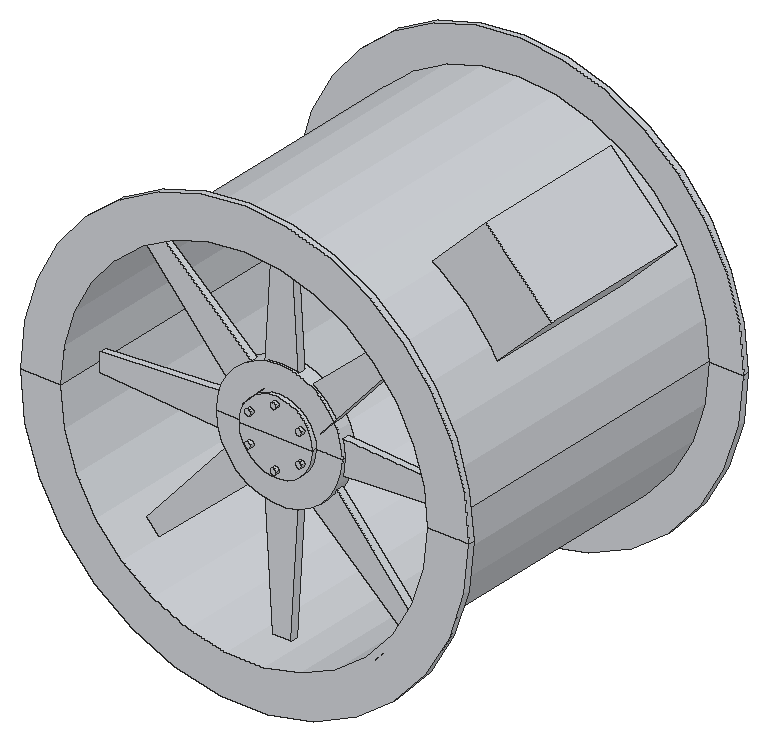
Revit family "CADS_Vent-Axia_MechEquip_Fan_LCA_315_3Ph2P - EXTRACT", category Mechanical Equipment, Revit 2020
Family settings
  Round Connector Dimension = Use Diameter
  Part Type = Normal
  OmniClass Number = 23.75.00.00
  OmniClass Title = Climate Control (HVAC)
  Work Plane-Based = No
  Always vertical = Yes
  Cut with Voids When Loaded = No
  Shared = No
  Room Calculation Point = No
Parameters (values of type "LCA313210")
  nr = NominalDiameter / 2  # 157.5 mm
  WorkingPressure = 0.0 Pa
  WarrantyStartDate [instance] = "1900-12-31T23:59:59"
  WarrantyPeriod = ""
  WarrantyIdentifier = "N/A"
  WarrantyGuarantorParts = "tech@vent-axia.com"
  WarrantyGuarantorLabor = "tech@vent-axia.com"
  WarrantyGuarantor = "Vent-Axia Limited"
  WarrantyEndDate [instance] = "1900-12-31T23:59:59"
  WarrantyContent = ""
  TemperatureRange = ""
  TagNumber [instance] = "N/A"
  SustainabilityPerformance = ""
  Status = "New"
  Size = ""
  Shape = ""
  ServiceLifeType = ""
  ServiceLifeDuration = ""
  SerialNumber [instance] = "N/A"
  ReplacementCost = ""
  RatedVoltage = 0 V
  RatedCurrent = 0 A
  Quantity = 1
  ProductionYear = ""
  PressureCurve = ""
  PowerFactor = ""
  PointOfContact = ""
  NumberOfPoles = 0
  NominalWidth = 315 mm
  NominalLength = 300 mm
  NominalHeight = 315 mm
  NominalFrequencyRange = ""
  NominalDiameter = 315 mm
  ModelReference = "LCAX 315mm 3PH 2P 10DEG"
  ModelNumber = "LCA313210"
  Material = ""
  ManufacturerE-Mail = "tech@vent-axia.com"
  ManufacturerAddress = "Fleming Way\nCrawley \nRH10 9YX"
  IsExtendedWarranty = no
  InsulationStandardClass = ""
  InstallationDate [instance] = "1900-12-31T23:59:59"
  IfcExportType [instance] = ""
  IfcExportAs = "IfcFanType"
  IP_Code = ""
  HasProtectiveEarth = no
  GrossWeight = 0.00 kg
  Grade = ""
  GlobalTradeItemNumber [instance] = "N/A"
  Fitting Type = "Ignore"
  Finish = ""
  Features = ""
  ExteriorInsulation = no
  ExpectedServiceLife = 0
  Exclusions = ""
  DurationUnit = "Year"
  Default Elevation = 0 mm
  Constituents = ""
  ConductorFunction = ""
  Color = ""
  CodePerformance = ""
  Category = ""
  CADS_Usage = 0
  CADS_Index = 0
  AssetType = "FIXED"
  AssetIdentifier [instance] = "N/A"
  AssemblyPlace = "UNKNOWN"
  ArticleNumber [instance] = "N/A"
  AirflowRateRange = 0.0 L/s
  Air Flow [instance] = 0.0 L/s
  AccessibilityPerformance = ""
Types (15, lengths in mm): name | ModelReference | ModelNumber
  LCA313210 | "LCAX 315mm 3PH 2P 10DEG" | "LCA313210"
  LCA313212 | "LCAX 315mm 3PH 2P 12DEG" | "LCA313212"
  LCA313214 | "LCAX 315mm 3PH 2P 14DEG" | "LCA313214"
  LCA313216 | "LCAX 315mm 3PH 2P 16DEG" | "LCA313216"
  LCA313218 | "LCAX 315mm 3PH 2P 18DEG" | "LCA313218"
  LCA313220 | "LCAX 315mm 3PH 2P 20DEG" | "LCA313220"
  LCA313222 | "LCAX 315mm 3PH 2P 22DEG" | "LCA313222"
  LCA313224 | "LCAX 315mm 3PH 2P 24DEG" | "LCA313224"
  LCA313226 | "LCAX 315mm 3PH 2P 26DEG" | "LCA313226"
  LCA313228 | "LCAX 315mm 3PH 2P 28DEG" | "LCA313228"
  LCA313230 | "LCAX 315mm 3PH 2P 30DEG" | "LCA313230"
  LCA313232 | "LCAX 315mm 3PH 2P 32DEG" | "LCA313232"
  LCA313234 | "LCAX 315mm 3PH 2P 34DEG" | "LCA313234"
  LCA313236 | "LCAX 315mm 3PH 2P 36DEG" | "LCA313236"
  LCA313238 | "LCAX 315mm 3PH 2P 38DEG" | "LCA313238"
Reference planes
  plane 1 "Center (Front/Back)": y = 0
  plane 2: z = 0
  plane 3 "Center (Left/Right)": x = 0
  plane 4: x = -157.5
  plane 5: x = 157.5
  plane 6 "F": y = -150
  plane 7 "B": y = 150
  plane 8: x = -192.5
  plane 9: y = 145
  plane 10: y = -145
  plane 11: x = -162.5
  plane 12: y = -110
  plane 13 "top": z = 157.5
  plane 14: z = -157.5
  plane 15 "45deg": through (0, -1524, 0) normal (-0.7071, 0, -0.7071)
  plane 16 "C": through (0, -1524, 0) normal (-0.7071, 0, 0.7071)
Forms (mm)
  Revolve 1, solid
    sketch origin (0, 0, 0) x (1, 0, 0) y (0, 1, 0)
      loop
        line (-192.5, -150) -> (-157.5, -150) -> (-157.5, 150) -> (-192.5, 150) -> (-192.5, 145) -> (-162.5, 145) -> (-162.5, -145) -> (-192.5, -145) -> (-192.5, -150)
      axis (0, 150) -> (0, -150)
    angle from 0 to 360
  Sweep 2, solid
    path origin (0, 0, 0) x (1, 0, 0) y (0, 0, 1)
      loop
        line (111.369, 111.369) -> (157.331, 157.331)
    profile origin (134.35, 0, 134.35) x (-0.707107, 0, 0.707107) y (0, -1, 0)
      loop
        line (37.5, 55) -> (-42.73, 55) -> (-42.73, -79.5) -> (37.5, -79.5) -> (37.5, 55)
Dimensions and locks
  equal spacing: plane 4, plane 3 "Center (Left/Right)", plane 5
  equal spacing: plane 7 "B", plane 1 "Center (Front/Back)", plane 6 "F"
  "NominalLength": plane 7 "B" to plane 6 "F"
  "NominalDiameter": plane 4 to plane 5
  locked: plane 11 to plane 4 at 5
  locked: plane 8 to plane 11 at 30
  locked: plane 6 "F" to plane 10 at 5
  locked: plane 7 "B" to plane 9 at 5
  locked: plane 6 "F" to plane 12 at 40
  equal spacing: plane 13 "top", level, plane 14
  "NominalDiameter": plane 13 "top" to plane 14
  "nr": Sweep 2 sketch curve to nested 13
  Sweep 2 sketch curve to Sweep 2 sketch curve = 65 mm
  aligned and locked: level to plane 2
  aligned and locked: nested 1 to plane 12
Automatic sketch dimensions
  plane 6 "F" to Revolve 1 sketch curve = 0 mm
  Revolve 1 sketch curve to plane 8 = 0 mm  (x2)
  plane 10 to Revolve 1 sketch curve = 0 mm
  Revolve 1 sketch curve to plane 11 = 0 mm
  Revolve 1 sketch curve to plane 4 = 0 mm
  Revolve 1 sketch curve to plane 3 "Center (Left/Right)" = 0 mm
  plane 1 "Center (Front/Back)" to Revolve 1 sketch curve = 0 mm
  Revolve 1 sketch curve to plane 9 = 0 mm
  Revolve 1 sketch curve to plane 7 "B" = 0 mm
  plane 6 "F" to Revolve 1 sketch curve = 115 mm
  plane 1 "Center (Front/Back)" to Sweep 2 sketch curve = 55 mm
  Sweep 2 sketch curve to profile plane = 37.5 mm
  Sweep 2 sketch curve to Sweep 2 sketch curve = 80.23 mm
  Sweep 2 sketch curve to Sweep 2 sketch curve = 134.5 mm
  Sweep 2 sketch curve to plane 16 "C" = 0 mm  (x2)
Nested families
  nested 1: "Fan for ESC" at (0, -110, 0), ND <- "NominalDiameter", type "Fan for ESC"
    with hub 31.5 mm, ND 315 mm, BoltPCD 25.2 mm, Bolt Count 6, B_Diam 5 mm
  nested 2: "Bolts" at (21.824, -119.172, -12.6) x (-0.5, 0, -0.866) z (0, 1, 0), type "Bolts"
    with bd 5 mm
  nested 3: "Bolts" at (0, -119.172, -25.2) x (-1, 0, 0) z (0, 1, 0), type "Bolts"
    with bd 5 mm
  nested 4: "Bolts" at (-21.824, -119.172, -12.6) x (-0.5, 0, 0.866) z (0, 1, 0), type "Bolts"
    with bd 5 mm
  nested 5: "Bolts" at (-21.824, -119.172, 12.6) x (0.5, 0, 0.866) z (0, 1, 0), type "Bolts"
    with bd 5 mm
  nested 6: "Bolts" at (21.824, -119.172, 12.6) x (0.5, 0, -0.866) z (0, 1, 0), type "Bolts"
    with bd 5 mm
  nested 7: "Bolts" at (0, -119.172, 25.2) x (1, 0, 0) z (0, 1, 0), type "Bolts"
    with bd 5 mm
  nested 8: "ESC Blade" at (0, -110, 0), type "ESC Blade"
    with a 20.00°, HR 31.5 mm, HD 63 mm, BT 15.75 mm, BR 126 mm, BH 40 mm, BD 315 mm, BB 31.5 mm
  nested 9: "ESC Blade" at (0, -110, 0) x (0.7071, 0, -0.7071) z (0.7071, 0, 0.7071), type "ESC Blade"
    with a 20.00°, HR 31.5 mm, HD 63 mm, BT 15.75 mm, BR 126 mm, BH 40 mm, BD 315 mm, BB 31.5 mm
  nested 10: "ESC Blade" at (0, -110, 0) x (0, 0, -1) z (1, 0, 0), type "ESC Blade"
    with a 20.00°, HR 31.5 mm, HD 63 mm, BT 15.75 mm, BR 126 mm, BH 40 mm, BD 315 mm, BB 31.5 mm
  nested 11: "ESC Blade" at (0, -110, 0) x (-0.7071, 0, -0.7071) z (0.7071, 0, -0.7071), type "ESC Blade"
    with a 20.00°, HR 31.5 mm, HD 63 mm, BT 15.75 mm, BR 126 mm, BH 40 mm, BD 315 mm, BB 31.5 mm
  nested 12: "ESC Blade" at (0, -110, 0) x (-1, 0, 0) z (0, 0, -1), type "ESC Blade"
    with a 20.00°, HR 31.5 mm, HD 63 mm, BT 15.75 mm, BR 126 mm, BH 40 mm, BD 315 mm, BB 31.5 mm
  nested 13: "ESC Blade" at (0, -110, 0) x (-0.7071, 0, -0.7071) z (-0.7071, 0, 0.7071), type "ESC Blade"
    with a 20.00°, HR 31.5 mm, HD 63 mm, BT 15.75 mm, BR 126 mm, BH 40 mm, BD 315 mm, BB 31.5 mm
  nested 14: "ESC Blade" at (0, -110, 0) x (0, 0, -1) z (-1, 0, 0), type "ESC Blade"
    with a 20.00°, HR 31.5 mm, HD 63 mm, BT 15.75 mm, BR 126 mm, BH 40 mm, BD 315 mm, BB 31.5 mm
  nested 15: "ESC Blade" at (0, -110, 0) x (0.7071, 0, -0.7071) z (-0.7071, 0, -0.7071), type "ESC Blade"
    with a 20.00°, HR 31.5 mm, HD 63 mm, BT 15.75 mm, BR 126 mm, BH 40 mm, BD 315 mm, BB 31.5 mm
Connectors
  hvac at (0, -150, 0), driven by "NominalDiameter", driven by "Air Flow"
    settings: on Revolve 1, index 1, duct flow 0.0 L/s, flow factor 0, pres drop 0.0 Pa, loss coef 0, conn angle 0.00°, conn width 304.8 mm, conn height 304.8 mm, conn diameter 315 mm, duct sys type 2, conn prof type 0, flow config 0, flow direction 1, loss method 0, conn ref index -1, conn util no, is conn primary yes, conn desc ""
  hvac at (0, 150, 0), driven by "NominalDiameter", driven by "Air Flow"
    settings: on Revolve 1, index 2, duct flow 0.0 L/s, flow factor 0, pres drop 0.0 Pa, loss coef 0, conn angle 0.00°, conn width 304.8 mm, conn height 304.8 mm, conn diameter 315 mm, duct sys type 3, conn prof type 0, flow config 1, flow direction 2, loss method 0, conn ref index -1, conn util no, is conn primary no, conn desc ""
Definition of nested family "Fan for ESC"
  Parameters (values of type "Fan for ESC")
    hub [instance] = ND / 10  # 56.7 mm
    ND [instance] = 567 mm
    Model = "."
    Default Elevation = 0 mm
    BoltPCD [instance] = hub - (hub * 0.2)  # 45.36 mm
    Bolt Count [instance] = if(hub < 50 mm, 6, 8)  # 8
    B_Diam [instance] = if(hub < 50 mm, 5 mm, 10 mm)  # 10 mm
  Reference planes
    plane 1 "Center (Front/Back)": y = 0
    plane 2: z = 0
    plane 3 "Center (Left/Right)": x = 0
    plane 4 "back": y = 20
    plane 5 "bolts": y = -9.172
    plane 6 "B": z = 56.7
    plane 7: x = -79.287
    plane 8: x = -56.7
    plane 9 "hubface": y = -6.172
  Forms (mm)
    Revolve 1, solid
      sketch origin (0, 0, 0) x (1, 0, 0) y (0, 1, 0)
        loop
          line (0, 20) -> (-56.7, 20) -> (-56.7, 10.504) -> (-79.287, 10.504) -> (-79.287, -2.597) -> (-56.7, -2.597) -> (-56.7, -6.172) -> (0, -6.172) -> (0, 20)
        axis (0, 20) -> (0, -6.172)
      angle from 0 to 360
    Extrusion 2, solid, not visible
      sketch origin (0, -6.347, -4) x (-1, 0, 0) y (0, 0, 1)
        loop
          circle (0, 84) r 5
      from 0 to 3
  Lines and regions (mm)
    symbolic lines
      curve 1: circle (0, -9.172, 0) r 45.36 normal (0, 1, 0)
    model lines, not visible
      curve 2: line (0, -6.347, 85) -> (0, -6.347, 75)
  Dimensions and locks
    "hub": plane 6 "B" to plane 2
    "hub": nested 3 to plane 3 "Center (Left/Right)"
    "hub": nested 4 to plane 3 "Center (Left/Right)"
    "hub": nested 5 to plane 3 "Center (Left/Right)"
    "hub": plane 3 "Center (Left/Right)" to nested 6
    "hub": Revolve 1 sketch curve to Revolve 1 sketch curve
    "hub": plane 3 "Center (Left/Right)" to nested 7
    "hub": plane 3 "Center (Left/Right)" to nested 8
    "hub": plane 3 "Center (Left/Right)" to nested 9
    "hub": plane 8 to plane 3 "Center (Left/Right)"
    plane 7 to plane 8 = 22.587 mm
    diameter of Extrusion 2 sketch curve = 10 mm
    "BoltPCD": radius of curve 1
    "BoltPCD": radius of radial array
    aligned and locked: level to plane 2
    aligned and locked: plane 6 "B" to nested 1
  Automatic sketch dimensions
    Revolve 1 sketch curve to plane 7 = 0 mm
    Revolve 1 sketch curve to plane 8 = 0 mm  (x2)
    Revolve 1 sketch curve to plane 3 "Center (Left/Right)" = 0 mm
    Revolve 1 sketch curve to plane 9 "hubface" = 0 mm
    plane 4 "back" to Revolve 1 sketch curve = 0 mm
    plane 1 "Center (Front/Back)" to Revolve 1 sketch curve = 2.597 mm
    plane 4 "back" to Revolve 1 sketch curve = 9.496 mm
    Revolve 1 sketch curve to Revolve 1 sketch curve = 5 mm
    Revolve 1 sketch curve to plane 4 "back" = 45 mm
    curve 1 to level = 0 mm
    curve 1 to plane 3 "Center (Left/Right)" = 0 mm
  Nested families
    nested 1: "ESC Blade" at (0, 0, 0), BD <- "ND", HD <- "hub", type "ESC Blade"
      with a 20.00°, HR 56.7 mm, HD 113.4 mm, BT 28.35 mm, BR 226.8 mm, BH 40 mm, BD 567 mm, BB 56.7 mm
    nested 2: "ESC Blade" at (0, 0, 755), BD <- "ND", HD <- "hub", type "ESC Blade", not visible
      with a 20.00°, HR 56.7 mm, HD 113.4 mm, BT 28.35 mm, BR 226.8 mm, BH 40 mm, BD 567 mm, BB 56.7 mm
    nested 3: "ESC Blade" at (0, 0, 0) x (0.7071, 0, -0.7071) z (0.7071, 0, 0.7071), BD <- "ND", HD <- "hub", type "ESC Blade"
      with a 20.00°, HR 56.7 mm, HD 113.4 mm, BT 28.35 mm, BR 226.8 mm, BH 40 mm, BD 567 mm, BB 56.7 mm
    nested 4: "ESC Blade" at (0, 0, 0) x (0, 0, -1) z (1, 0, 0), BD <- "ND", HD <- "hub", type "ESC Blade"
      with a 20.00°, HR 56.7 mm, HD 113.4 mm, BT 28.35 mm, BR 226.8 mm, BH 40 mm, BD 567 mm, BB 56.7 mm
    nested 5: "ESC Blade" at (0, 0, 0) x (-0.7071, 0, -0.7071) z (0.7071, 0, -0.7071), BD <- "ND", HD <- "hub", type "ESC Blade"
      with a 20.00°, HR 56.7 mm, HD 113.4 mm, BT 28.35 mm, BR 226.8 mm, BH 40 mm, BD 567 mm, BB 56.7 mm
    nested 6: "ESC Blade" at (0, 0, 0) x (-1, 0, 0) z (0, 0, -1), BD <- "ND", HD <- "hub", type "ESC Blade"
      with a 20.00°, HR 56.7 mm, HD 113.4 mm, BT 28.35 mm, BR 226.8 mm, BH 40 mm, BD 567 mm, BB 56.7 mm
    nested 7: "ESC Blade" at (0, 0, 0) x (-0.7071, 0, -0.7071) z (-0.7071, 0, 0.7071), BD <- "ND", HD <- "hub", type "ESC Blade"
      with a 20.00°, HR 56.7 mm, HD 113.4 mm, BT 28.35 mm, BR 226.8 mm, BH 40 mm, BD 567 mm, BB 56.7 mm
    nested 8: "ESC Blade" at (0, 0, 0) x (0, 0, -1) z (-1, 0, 0), BD <- "ND", HD <- "hub", type "ESC Blade"
      with a 20.00°, HR 56.7 mm, HD 113.4 mm, BT 28.35 mm, BR 226.8 mm, BH 40 mm, BD 567 mm, BB 56.7 mm
    nested 9: "ESC Blade" at (0, 0, 0) x (0.7071, 0, -0.7071) z (-0.7071, 0, -0.7071), BD <- "ND", HD <- "hub", type "ESC Blade"
      with a 20.00°, HR 56.7 mm, HD 113.4 mm, BT 28.35 mm, BR 226.8 mm, BH 40 mm, BD 567 mm, BB 56.7 mm
    nested 10: "Bolts" at (0, -9.172, 45.36) x (1, 0, 0) z (0, 1, 0), bd <- "B_Diam", type "Bolts"
      with bd 10 mm
    nested 11: "Bolts" at (32.074, -9.172, 32.074) x (0.7071, 0, -0.7071) z (0, 1, 0), bd <- "B_Diam", type "Bolts"
      with bd 10 mm
    nested 12: "Bolts" at (-32.074, -9.172, 32.074) x (0.7071, 0, 0.7071) z (0, 1, 0), bd <- "B_Diam", type "Bolts"
      with bd 10 mm
    nested 13: "Bolts" at (-45.36, -9.172, 0) x (0, 0, 1) z (0, 1, 0), bd <- "B_Diam", type "Bolts"
      with bd 10 mm
    nested 14: "Bolts" at (-32.074, -9.172, -32.074) x (-0.7071, 0, 0.7071) z (0, 1, 0), bd <- "B_Diam", type "Bolts"
      with bd 10 mm
    nested 15: "Bolts" at (0, -9.172, -45.36) x (-1, 0, 0) z (0, 1, 0), bd <- "B_Diam", type "Bolts"
      with bd 10 mm
    nested 16: "Bolts" at (32.074, -9.172, -32.074) x (-0.7071, 0, -0.7071) z (0, 1, 0), bd <- "B_Diam", type "Bolts"
      with bd 10 mm
    nested 17: "Bolts" at (45.36, -9.172, 0) x (0, 0, -1) z (0, 1, 0), bd <- "B_Diam", type "Bolts"
      with bd 10 mm
  Definition of nested family "ESC Blade"
    Parameters (values of type "ESC Blade")
      a [instance] = 20.00°
      HR [instance] = HD / 2  # 30 mm
      HD [instance] = BD / 5  # 60 mm
      Default Elevation = 1219.2 mm
      BT [instance] = BD / 20  # 15 mm
      BR [instance] = (BD / 2) - HR  # 120 mm
      BH [instance] = 40 mm
      BD [instance] = 300 mm
      BB [instance] = BD / 10  # 30 mm
    Reference planes
      plane 1 "Center (Front/Back)": y = 0
      plane 2: z = 0
      plane 3 "Center (Left/Right)": x = 0
      plane 4 "Blade Bot": z = 30
      plane 5: x = -15
      plane 6: x = 15
      plane 7: x = -7.5
      plane 8: x = 7.5
    Forms (mm)
      Blend 1, solid
        base sketch origin (0, 0, 30) x (-1, 0, 0) y (0, -1, 0)
          loop
            line (15, 0) -> (-15, 0) -> (-15, -6) -> (15, -6) -> (15, 0)
        top sketch origin (0, 0, 30) x (-1, 0, 0) y (0, -1, 0)
          loop
            line (7.5, -6) -> (7.5, 0) -> (-7.5, 0) -> (-7.5, -6) -> (7.5, -6)
        from 0 to 120 <- "BR"
    Dimensions and locks
      "HR": plane 4 "Blade Bot" to level
      equal spacing: plane 8, plane 3 "Center (Left/Right)", plane 7
      "BT": plane 8 to plane 7
      equal spacing: plane 6, plane 3 "Center (Left/Right)", plane 5
      "BB": plane 6 to plane 5
      aligned and locked: level to plane 2
    Automatic sketch dimensions
      plane 1 "Center (Front/Back)" to Blend 1 sketch curve = 0 mm  (x2)
      Blend 1 sketch curve to plane 6 = 0 mm
      Blend 1 sketch curve to plane 5 = 0 mm
      Blend 1 sketch curve to plane 1 "Center (Front/Back)" = 6 mm  (x2)
      Blend 1 sketch curve to plane 8 = 0 mm
      Blend 1 sketch curve to plane 7 = 0 mm
  Definition of nested family "Bolts"
    Parameters
      bd [instance] = 10 mm
      Default Elevation = 1219.2 mm
    Reference planes
      plane 1 "Center (Front/Back)": y = 0
      plane 2: z = 0
      plane 3 "Center (Left/Right)": x = 0
    Forms (mm)
      Extrusion 1, solid
        sketch origin (0, 0, 0) x (1, 0, 0) y (0, 1, 0)
          loop
            line (-1219.2, 1219.2) -> (-1219.2, -1219.2) -> (1219.2, -1219.2) -> (1219.2, 1219.2) -> (-1219.2, 1219.2)
        from 0 to -304.8
      Extrusion 2, solid
        sketch origin (0, 0, 0) x (1, 0, 0) y (0, 1, 0)
          loop
            circle (0, 0) r 5
        from 0 to 3
    Dimensions and locks
      "bd": diameter of Extrusion 2 sketch curve
      aligned and locked: plane 2 to Extrusion 1
      aligned and locked: level to Extrusion 1
    Automatic sketch dimensions
      Extrusion 1 sketch curve to Extrusion 1 sketch curve = 2438.4 mm  (x2)
      plane 1 "Center (Front/Back)" to Extrusion 2 sketch curve = 0 mm
      Extrusion 2 sketch curve to plane 3 "Center (Left/Right)" = 0 mm
Definition of nested family "Bolts"
  Parameters
    bd [instance] = 10 mm
    Default Elevation = 1219.2 mm
  Reference planes
    plane 1 "Center (Front/Back)": y = 0
    plane 2: z = 0
    plane 3 "Center (Left/Right)": x = 0
  Forms (mm)
    Extrusion 1, solid
      sketch origin (0, 0, 0) x (1, 0, 0) y (0, 1, 0)
        loop
          line (-1219.2, 1219.2) -> (-1219.2, -1219.2) -> (1219.2, -1219.2) -> (1219.2, 1219.2) -> (-1219.2, 1219.2)
      from 0 to -304.8
    Extrusion 2, solid
      sketch origin (0, 0, 0) x (1, 0, 0) y (0, 1, 0)
        loop
          circle (0, 0) r 5
      from 0 to 3
  Dimensions and locks
    "bd": diameter of Extrusion 2 sketch curve
    aligned and locked: plane 2 to Extrusion 1
    aligned and locked: level to Extrusion 1
  Automatic sketch dimensions
    Extrusion 1 sketch curve to Extrusion 1 sketch curve = 2438.4 mm  (x2)
    plane 1 "Center (Front/Back)" to Extrusion 2 sketch curve = 0 mm
    Extrusion 2 sketch curve to plane 3 "Center (Left/Right)" = 0 mm
Definition of nested family "ESC Blade"
  Parameters (values of type "ESC Blade")
    a [instance] = 20.00°
    HR [instance] = HD / 2  # 30 mm
    HD [instance] = BD / 5  # 60 mm
    Default Elevation = 1219.2 mm
    BT [instance] = BD / 20  # 15 mm
    BR [instance] = (BD / 2) - HR  # 120 mm
    BH [instance] = 40 mm
    BD [instance] = 300 mm
    BB [instance] = BD / 10  # 30 mm
  Reference planes
    plane 1 "Center (Front/Back)": y = 0
    plane 2: z = 0
    plane 3 "Center (Left/Right)": x = 0
    plane 4 "Blade Bot": z = 30
    plane 5: x = -15
    plane 6: x = 15
    plane 7: x = -7.5
    plane 8: x = 7.5
  Forms (mm)
    Blend 1, solid
      base sketch origin (0, 0, 30) x (-1, 0, 0) y (0, -1, 0)
        loop
          line (15, 0) -> (-15, 0) -> (-15, -6) -> (15, -6) -> (15, 0)
      top sketch origin (0, 0, 30) x (-1, 0, 0) y (0, -1, 0)
        loop
          line (7.5, -6) -> (7.5, 0) -> (-7.5, 0) -> (-7.5, -6) -> (7.5, -6)
      from 0 to 120 <- "BR"
  Dimensions and locks
    "HR": plane 4 "Blade Bot" to level
    equal spacing: plane 8, plane 3 "Center (Left/Right)", plane 7
    "BT": plane 8 to plane 7
    equal spacing: plane 6, plane 3 "Center (Left/Right)", plane 5
    "BB": plane 6 to plane 5
    aligned and locked: level to plane 2
  Automatic sketch dimensions
    plane 1 "Center (Front/Back)" to Blend 1 sketch curve = 0 mm  (x2)
    Blend 1 sketch curve to plane 6 = 0 mm
    Blend 1 sketch curve to plane 5 = 0 mm
    Blend 1 sketch curve to plane 1 "Center (Front/Back)" = 6 mm  (x2)
    Blend 1 sketch curve to plane 8 = 0 mm
    Blend 1 sketch curve to plane 7 = 0 mm
